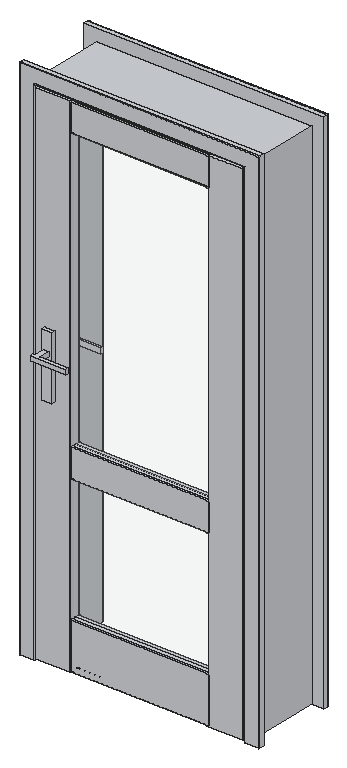
Revit family "b_portagrande_c1_pn60-100", category Drzwi, Revit 2016
Family settings
  Obiekt nadrzędny = Ściana
  Zawsze pionowo = Tak
  Tnij formami wycięć po wczytaniu = Nie
  Współdzielony = Nie
  Punkt obliczania pomieszczeń = Nie
Parameters (values of type "PN 80")
  Zakres szerokości muru [instance] = if(and(Szerokość ściany > 94 mm, Szerokość ściany < 120 mm), "B", (if(and(Szerokość ściany > 119 mm, Szerokość ściany < 140 mm), "C", (if(and(Szerokość ściany > 139 mm, Szerokość ściany < 160 mm), "D", (if(and(Szerokość ściany > 159 mm, Szerokość ściany < 180 mm), "E", (if(and(Szerokość ściany > 179 mm, Szerokość ściany < 200 mm), "F", (if(and(Szerokość ściany > 199 mm, Szerokość ściany < 220 mm), "G", (if(and(Szerokość ściany > 219 mm, Szerokość ściany < 240 mm), "H", (if(and(Szerokość ściany > 239 mm, Szerokość ściany < 260 mm), "I", (if(and(Szerokość ściany > 259 mm, Szerokość ściany < 280 mm), "J", (if(and(Szerokość ściany > 279 mm, Szerokość ściany < 301 mm), "K", "BRAK")))))))))))))))))))  # "K"
  Wysokość brutto = 2060 mm
  Szerokość ściany [instance] = 300 mm
  Szerokość brutto = 880 mm
  Model = "Porta GRANDE C.1"
  Materiał_szyba [instance] = Szkło
  Konstrukcja analityczna = "<Brak>"
  Funkcja = Wewnętrzna
  URL = "www.porta.com.pl"
  Ss = 818 mm
  Sb = 846 mm
  Producent = "PORTA KMI POLAND"  # constant formula
  Keynote = ""
  Opis = "Własność Porta KMI Poland, wszelkie prawa zastrzeżone."  # constant formula
  Wysokość = 2016 mm
  Zakończenie ściany = Wg obiektu nadrzędnego
  Szerokość = 800 mm
  Materiał_skrzydło [instance] = none
  Materiał_ościeżnica [instance] = none
  Materiał_klamka [instance] = none
  Hs = 2017 mm
Types (5, lengths in mm): name | Szerokość brutto | Materiał_szyba | Ss | Sb | Szerokość
  PN 70 | 780 | none | 718 | 746 | 700
  PN 60 | 680 | none | 618 | 646 | 600
  PN 80 | 880 | Szkło | 818 | 846 | 800
  PN 90 | 980 | none | 918 | 946 | 900
  PN 100 | 1080 | none | 1018 | 1046 | 1000
Reference planes
  plane 1: y = 0
  plane 2 "Środek (Lewa/Prawa)": x = 0
  plane 3 "Lewy": x = -440
  plane 4 "Prawy": x = 440
  plane 5: z = 2060
  plane 6 "Zewnętrzna": y = 150
  plane 7 "Wewnętrzna": y = -150
  plane 8 "skrzydło": y = -129
Forms (mm)
  Sweep 1, solid, material <- "Materiał_ościeżnica"
    path in 3D
      loop
        line (-440, -150, 0) -> (-440, -150, 2060) -> (440, -150, 2060) -> (440, -150, 0)
    profile origin (-440, -150, 1030) x (0, -1, 0) y (1, 0, 0)
      loop
        line (-24, 39) -> (-72, 39) -> (-72, 17) -> (0, 17) -> (0, -33) -> (16, -33)
        arc (16, -33) -> (18.121, -32.121) -> (19, -30) r 3
        line (19, -30) -> (19, 24)
        arc (19, 24) -> (18.121, 26.121) -> (16, 27) r 3
        line (16, 27) -> (-24, 27) -> (-24, 39)
  Sweep 2, solid, material <- "Materiał_ościeżnica"
    path in 3D
      loop
        line (440, 150, 0) -> (440, 150, 2060) -> (-440, 150, 2060) -> (-440, 150, 0)
    profile origin (-440, 150, 1030) x (1, 0, 0) y (0, 1, 0)
      loop
        line (-33, 0) -> (17, 0) -> (17, -228) -> (39, -228) -> (39, -1)
        arc (39, -1) -> (37.536, 2.536) -> (34, 4) r 5
        line (34, 4) -> (25, 4) -> (25, 16)
        arc (25, 16) -> (24.121, 18.121) -> (22, 19) r 3
        line (22, 19) -> (-30, 19)
        arc (-30, 19) -> (-32.121, 18.121) -> (-33, 16) r 3
        line (-33, 16) -> (-33, 0)
  Sweep 3, solid, not visible
    path in 3D
      loop
        line (-440, -150, 0) -> (-440, -150, 2060)
    profile origin (-440, -150, 1030) x (0, -1, 0) y (1, 0, 0)
      loop
        line (-151, 17) -> (-149, 17) -> (-149, 19) -> (-151, 19) -> (-151, 17)
Cuts and joins
  joined: Sweep 1, Sweep 2
Lines and regions (mm)
  Opening 1
    outline origin (-3050, -150, 0) x (1, 0, 0) y (0, 0, 1)
      loop
        line (2610, 0) -> (3490, 0) -> (3490, 2060) -> (2610, 2060) -> (2610, 0)
  sketch lines
    curve 1: line (-440, -150, 0) -> (-440, -150, 2060)
    curve 2: line (-440, -150, 2060) -> (440, -150, 2060)
    curve 3: line (440, -150, 2060) -> (440, -150, 0)
    curve 4: line (-440, 150, 2060) -> (-440, 150, 0)
    curve 5: line (440, 150, 2060) -> (-440, 150, 2060)
    curve 6: line (440, 150, 0) -> (440, 150, 2060)
    curve 12: line (-440, -150, 0) -> (-440, -150, 2060)
  symbolic lines, style "DoorsPanelProjection"
    curve 7: line (409, -150, 0) -> (409, -968, 0)
    curve 8: line (409, -968, 0) -> (369, -968, 0)
    curve 9: line (369, -968, 0) -> (369, -150, 0)
    curve 10: line (369, -150, 0) -> (409, -150, 0)
  symbolic lines, style "Ugięcie rzutu"
    curve 11: arc (-409, -150, 0) -> (-169.413, -728.413, 0) -> (409, -968, 0) r 818
Text (mm)
  text "Zewnętrzna" at (-2295.016, 1099.543, 0), in view "Poziom odniesienia"
  text "Zewnętrzna" at (0, 1615.38, 3698.081), in view "Lewy"
  text "Zewnętrzna" at (0, 1036.032, 3874.932), in view "Prawy"
Dimensions and locks
  equal spacing: plane 3 "Lewy", plane 2 "Środek (Lewa/Prawa)", plane 4 "Prawy"
  "Szerokość brutto": plane 3 "Lewy" to plane 4 "Prawy"
  "Wysokość brutto": plane 5 to host wall
  host wall to plane 5 = 2060 mm  (x2)
  locked: plane 6 "Zewnętrzna" to host wall at 0
  locked: plane 7 "Wewnętrzna" to host wall
  "Sb": Sweep 1 to Sweep 1
  locked: Sweep 1 sketch curve to Sweep 1 sketch curve at 22
  Sweep 1 sketch curve to Sweep 1 sketch curve = 50 mm
  locked: Sweep 1 sketch curve to profile plane at 72
  locked: Sweep 2 sketch curve to Sweep 2 sketch curve at 50
  locked: Sweep 2 sketch curve to Sweep 2 sketch curve at 22
  locked: Sweep 2 sketch curve to plane 6 "Zewnętrzna" at 1
  locked: curve 9 to curve 7 at 40
  "Ss": curve 8 to curve 10
  equal spacing: curve 11, plane 2 "Środek (Lewa/Prawa)", curve 7
  locked: plane 7 "Wewnętrzna" to plane 8 "skrzydło" at 21
  locked: host wall to Sweep 3 sketch curve at 1
  locked: Sweep 3 sketch curve to host wall at 1
  locked: Sweep 3 sketch curve to plane 6 "Zewnętrzna" at 151
  locked: plane 7 "Wewnętrzna" to Sweep 3 sketch curve at 151
  equal spacing: nested 1, plane 2 "Środek (Lewa/Prawa)", nested 1
  locked: nested 1 to level at 8
  "Szerokość ściany": host wall to host wall
  aligned and locked: plane 3 "Lewy" to Opening 1 sketch curve
  aligned and locked: plane 5 to Opening 1 sketch curve  (x2)
  aligned and locked: Opening 1 sketch curve to plane 4 "Prawy"
  aligned and locked: Opening 1 sketch curve to level
  aligned and locked: plane 1 to host wall
  aligned and locked: Sweep 1 to Sweep 2 sketch curve
  aligned and locked: plane 7 "Wewnętrzna" to curve 10
  aligned and locked: Sweep 3 sketch curve to cut or joined group of Sweep 1, Sweep 2
  aligned and locked: Sweep 2 sketch curve to cut or joined group of Sweep 1, Sweep 2
  aligned and locked: nested 1 to plane 8 "skrzydło"
Automatic sketch dimensions
  profile plane to Sweep 1 sketch curve = 24 mm
  Sweep 1 sketch curve to profile plane = 16 mm  (x2)
  Sweep 1 sketch curve to Sweep 1 sketch curve = 3 mm
  profile plane to Sweep 1 sketch curve = 17 mm
  Sweep 1 sketch curve to Sweep 1 sketch curve = 7 mm
  Sweep 1 sketch curve to profile plane = 0 mm
  Sweep 2 sketch curve to profile plane = 0 mm
  Sweep 2 sketch curve to profile plane = 16 mm
  Sweep 2 sketch curve to Sweep 2 sketch curve = 3 mm
  Sweep 2 sketch curve to Sweep 2 sketch curve = 5 mm
  Sweep 2 sketch curve to profile plane = 4 mm
  Sweep 2 sketch curve to Sweep 2 sketch curve = 8 mm
  curve 11 to host wall = 0 mm
  Sweep 3 sketch curve to Sweep 3 sketch curve = 2 mm
Nested families
  nested 1: "skrzydło" at (0, -135.5, 0), Materiał_klamka <- "Materiał_klamka", Materiał_skrzydło <- "Materiał_skrzydło", Materiał_szyba <- "Materiał_szyba", type "skrzydło"
    with Materiał_szyba Szkło, Materiał_skrzydło none, Materiał_klamka none
Definition of nested family "skrzydło"
  Parameters
    Ss = 818 mm
    Materiał_szyba [instance] = none
    Materiał_skrzydło [instance] = none
    Materiał_klamka [instance] = none
    Hs = 2017 mm
  Reference planes
    plane 1 "Tył": y = 6.5
    plane 2: z = 0
    plane 3 "Środek (Lewa/Prawa)": x = 0
    plane 4 "Lewa": x = -409
    plane 5 "Prawa": x = 409
    plane 6 "Przód": y = -33.5
    plane 7: z = 2025
    plane 8 "Centrum": y = -13.5
    plane 9: z = 8
    plane 10: x = -272
    plane 11: x = 272
  Forms (mm)
    Extrusion 1, solid, material <- "Materiał_skrzydło"
      sketch origin (-1191.728, -1524, 8) x (-1, 0, 0) y (0, -1, 0)
        loop
          line (-1465.378, -1490.5) -> (-1599.078, -1490.5)
          arc (-1599.078, -1490.5) -> (-1600.244, -1490.983) -> (-1600.728, -1492.15) r 1.65
          line (-1600.728, -1492.15) -> (-1600.728, -1528.8)
          arc (-1600.728, -1528.8) -> (-1600.23, -1530.002) -> (-1599.028, -1530.5) r 1.7
          line (-1599.028, -1530.5) -> (-1465.378, -1530.5)
          arc (-1465.378, -1530.5) -> (-1464.211, -1530.017) -> (-1463.728, -1528.85) r 1.65
          line (-1463.728, -1528.85) -> (-1463.728, -1492.15)
          arc (-1463.728, -1492.15) -> (-1464.211, -1490.983) -> (-1465.378, -1490.5) r 1.65
      from 0 to 2017
    Extrusion 2, solid, material <- "Materiał_skrzydło"
      sketch origin (0, 0, 0) x (0, 1, 0) y (0, 0, 1)
        loop
          line (4, 1911.65) -> (4, 2023.3)
          arc (4, 2023.3) -> (3.502, 2024.502) -> (2.3, 2025) r 1.7
          line (2.3, 2025) -> (-29.35, 2025)
          arc (-29.35, 2025) -> (-30.517, 2024.517) -> (-31, 2023.35) r 1.65
          line (-31, 2023.35) -> (-31, 1911.65)
          arc (-31, 1911.65) -> (-30.517, 1910.483) -> (-29.35, 1910) r 1.65
          line (-29.35, 1910) -> (2.35, 1910)
          arc (2.35, 1910) -> (3.517, 1910.483) -> (4, 1911.65) r 1.65
        loop
          line (2.35, 195) -> (-29.35, 195)
          arc (-29.35, 195) -> (-30.517, 194.517) -> (-31, 193.35) r 1.65
          line (-31, 193.35) -> (-31, 9.65)
          arc (-31, 9.65) -> (-30.517, 8.483) -> (-29.35, 8) r 1.65
          line (-29.35, 8) -> (-25, 8)
          arc (-25, 8) -> (-23.833, 8.483) -> (-23.35, 9.65) r 1.65
          arc (-23.35, 9.65) -> (-22.955, 10.605) -> (-22, 11) r 1.35
          line (-22, 11) -> (-5, 11)
          arc (-5, 11) -> (-4.045, 10.605) -> (-3.65, 9.65) r 1.35
          arc (-3.65, 9.65) -> (-3.167, 8.483) -> (-2, 8) r 1.65
          line (-2, 8) -> (2.35, 8)
          arc (2.35, 8) -> (3.517, 8.483) -> (4, 9.65) r 1.65
          line (4, 9.65) -> (4, 193.35)
          arc (4, 193.35) -> (3.517, 194.517) -> (2.35, 195) r 1.65
        loop
          line (2.35, 805) -> (-29.35, 805)
          arc (-29.35, 805) -> (-30.517, 804.517) -> (-31, 803.35) r 1.65
          line (-31, 803.35) -> (-31, 691.65)
          arc (-31, 691.65) -> (-30.517, 690.483) -> (-29.35, 690) r 1.65
          line (-29.35, 690) -> (2.35, 690)
          arc (2.35, 690) -> (3.517, 690.483) -> (4, 691.65) r 1.65
          line (4, 691.65) -> (4, 803.35)
          arc (4, 803.35) -> (3.517, 804.517) -> (2.35, 805) r 1.65
      from -272 to 272
    Extrusion 3, solid, material <- "Materiał_szyba"
      sketch origin (-892.016, -13.5, 1213) x (-1, 0, 0) y (0, 0, 1)
        loop
          line (-620.016, -408) -> (-620.016, 697) -> (-1164.016, 697) -> (-1164.016, -408) -> (-620.016, -408)
      from -2 to 2
    Extrusion 4, solid, material <- "Materiał_szyba"
      sketch origin (-892.016, -13.5, 1200) x (-1, 0, 0) y (0, 0, 1)
        loop
          line (-620.016, -510) -> (-1164.016, -510) -> (-1164.016, -1005) -> (-620.016, -1005) -> (-620.016, -510)
      from -2 to 2
    Extrusion 5, solid, material <- "Materiał_skrzydło"
      sketch origin (-1191.728, -1524, 8) x (-1, 0, 0) y (0, -1, 0)
        loop
          arc (-918.078, -1490.5) -> (-919.244, -1490.983) -> (-919.728, -1492.15) r 1.65
          line (-919.728, -1492.15) -> (-919.728, -1528.85)
          arc (-919.728, -1528.85) -> (-919.244, -1530.017) -> (-918.078, -1530.5) r 1.65
          line (-918.078, -1530.5) -> (-784.428, -1530.5)
          arc (-784.428, -1530.5) -> (-783.225, -1530.002) -> (-782.728, -1528.8) r 1.7
          line (-782.728, -1528.8) -> (-782.728, -1492.15)
          arc (-782.728, -1492.15) -> (-783.211, -1490.983) -> (-784.378, -1490.5) r 1.65
          line (-784.378, -1490.5) -> (-918.078, -1490.5)
      from 0 to 2017
  Dimensions and locks
    equal spacing: plane 4 "Lewa", plane 3 "Środek (Lewa/Prawa)", plane 5 "Prawa"
    "Ss": plane 4 "Lewa" to plane 5 "Prawa"
    locked: plane 9 to level at 8
    "Hs": plane 7 to plane 9
    locked: nested 1 to plane 9 at 934
    locked: plane 9 to nested 2 at 934
    equal spacing: plane 6 "Przód", plane 8 "Centrum", plane 1 "Tył"
    locked: plane 10 to plane 4 "Lewa" at 137
    locked: plane 5 "Prawa" to plane 11 at 137
    aligned and locked: nested 1 to plane 6 "Przód"
    aligned and locked: plane 5 "Prawa" to Extrusion 1 sketch curve
    aligned and locked: Extrusion 1 sketch curve to plane 1 "Tył"
    aligned and locked: Extrusion 1 sketch curve to plane 6 "Przód"
    aligned and locked: Extrusion 1 sketch curve to plane 11
    aligned and locked: plane 7 to Extrusion 1
    aligned and locked: Extrusion 2 to plane 10
    aligned and locked: plane 11 to Extrusion 2
    aligned and locked: Extrusion 2 to Extrusion 3 sketch curve  (x2)
    aligned and locked: plane 10 to Extrusion 4 sketch curve
    aligned and locked: plane 11 to Extrusion 4 sketch curve
    aligned and locked: plane 4 "Lewa" to Extrusion 5 sketch curve
    aligned and locked: Extrusion 5 sketch curve to plane 10
    aligned and locked: plane 7 to Extrusion 5
    aligned and locked: nested 2 to nested 1
  Automatic sketch dimensions
    Extrusion 3 sketch curve to plane 7 = 115 mm
    Extrusion 3 sketch curve to Extrusion 3 sketch curve = 1105 mm
    Extrusion 5 sketch curve to plane 6 "Przód" = 0 mm
    plane 1 "Tył" to Extrusion 5 sketch curve = 0 mm
    Extrusion 5 sketch curve to plane 10 = 1.65 mm
    plane 1 "Tył" to Extrusion 5 sketch curve = 1.65 mm
    plane 4 "Lewa" to Extrusion 5 sketch curve = 1.7 mm
    plane 4 "Lewa" to Extrusion 5 sketch curve = 1.65 mm
    Extrusion 1 sketch curve to Extrusion 1 sketch curve = 1.65 mm
    Extrusion 1 sketch curve to plane 5 "Prawa" = 1.7 mm
    plane 11 to Extrusion 1 sketch curve = 1.65 mm  (x2)
    Extrusion 2 sketch curve to plane 7 = 0 mm
    Extrusion 2 sketch curve to plane 9 = 0 mm  (x2)
    plane 6 "Przód" to Extrusion 2 sketch curve = 2.5 mm  (x3)
    Extrusion 2 sketch curve to plane 7 = 1.65 mm
    Extrusion 2 sketch curve to Extrusion 2 sketch curve = 1.65 mm  (x8)
    plane 9 to Extrusion 2 sketch curve = 1.65 mm  (x2)
    Extrusion 2 sketch curve to Extrusion 2 sketch curve = 4.35 mm
    Extrusion 2 sketch curve to Extrusion 2 sketch curve = 0 mm  (x2)
    Extrusion 2 sketch curve to Extrusion 2 sketch curve = 1.35 mm
    plane 8 "Centrum" to Extrusion 2 sketch curve = 8.5 mm
    Extrusion 2 sketch curve to plane 7 = 1.7 mm
    plane 1 "Tył" to Extrusion 2 sketch curve = 4.2 mm
    plane 1 "Tył" to Extrusion 2 sketch curve = 4.15 mm  (x4)
    Extrusion 2 sketch curve to Extrusion 2 sketch curve = 182.35 mm
    Extrusion 2 sketch curve to Extrusion 2 sketch curve = 495 mm
    Extrusion 2 sketch curve to Extrusion 2 sketch curve = 111.7 mm
    Extrusion 2 sketch curve to Extrusion 2 sketch curve = 113.3 mm
    plane 9 to Extrusion 4 sketch curve = 187 mm
    Extrusion 4 sketch curve to Extrusion 4 sketch curve = 495 mm
  Nested families
    nested 1: "KLAMKA" at (-354, -33.5, 1067), Materiał klamki <- "Materiał_klamka", type "KLAMKA"
      with Materiał klamki none
    nested 2: "KLAMKA" at (-354, 6.5, 1067), Materiał klamki <- "Materiał_klamka", type "KLAMKA"
      with Materiał klamki none
  Definition of nested family "KLAMKA"
    Parameters
      Materiał klamki [instance] = none
      Assembly Code = ""
      Default Elevation = 1219.2 mm
    Reference planes
      plane 1 "Center (Front/Back)": y = 0
      plane 2: z = 0
      plane 3 "Center (Left/Right)": x = 0
      plane 4: z = 125
      plane 5: z = -125
      plane 6: x = 20
      plane 7: x = -20
      plane 8: y = -70
      plane 9: y = -60
      plane 10: x = 10
      plane 11: x = -10
      plane 12: x = 120
      plane 13: z = 35
      plane 14: z = 55
      plane 15: y = -15
    Forms (mm)
      Extrusion 1, solid, material <- "Materiał klamki"
        sketch origin (0, 0, 0) x (1, 0, 0) y (0, 0, 1)
          loop
            line (-20, 125) -> (-20, -125) -> (20, -125) -> (20, 125) -> (-20, 125)
        from 0 to 15
      Extrusion 2, solid, material <- "Materiał klamki"
        sketch origin (0, 0, 0) x (1, 0, 0) y (0, 1, 0)
          loop
            line (-10, -15) -> (-10, -60) -> (-20, -60) -> (-20, -70) -> (120, -70) -> (120, -60) -> (10, -60) -> (10, -15) -> (-10, -15)
        from 35 to 55
    Dimensions and locks
      equal spacing: plane 4, plane 2, plane 5
      plane 4 to plane 5 = 250 mm
      equal spacing: plane 7, plane 3 "Center (Left/Right)", plane 6
      plane 7 to plane 6 = 40 mm
      plane 8 to plane 1 "Center (Front/Back)" = 70 mm
      plane 11 to plane 3 "Center (Left/Right)" to plane 10 = 10 mm locked, 10 mm locked
      plane 7 to plane 12 = 140 mm
      plane 15 to plane 1 "Center (Front/Back)" = 15 mm
      aligned and locked: plane 7 to Extrusion 1 sketch curve
      aligned and locked: Extrusion 1 sketch curve to plane 4
      aligned and locked: plane 5 to Extrusion 1 sketch curve
      aligned and locked: Extrusion 1 sketch curve to plane 6
      aligned and locked: plane 15 to Extrusion 1
      aligned and locked: Extrusion 1 to plane 1 "Center (Front/Back)"
      aligned and locked: plane 14 to Extrusion 2
      aligned and locked: Extrusion 2 to plane 13
    Automatic sketch dimensions
      Extrusion 2 sketch curve to plane 7 = 0 mm
      Extrusion 2 sketch curve to plane 9 = 0 mm  (x2)
      Extrusion 2 sketch curve to plane 11 = 0 mm
      Extrusion 2 sketch curve to plane 10 = 0 mm
      Extrusion 2 sketch curve to plane 12 = 0 mm
      Extrusion 2 sketch curve to plane 8 = 0 mm
      Extrusion 2 sketch curve to plane 15 = 0 mm
